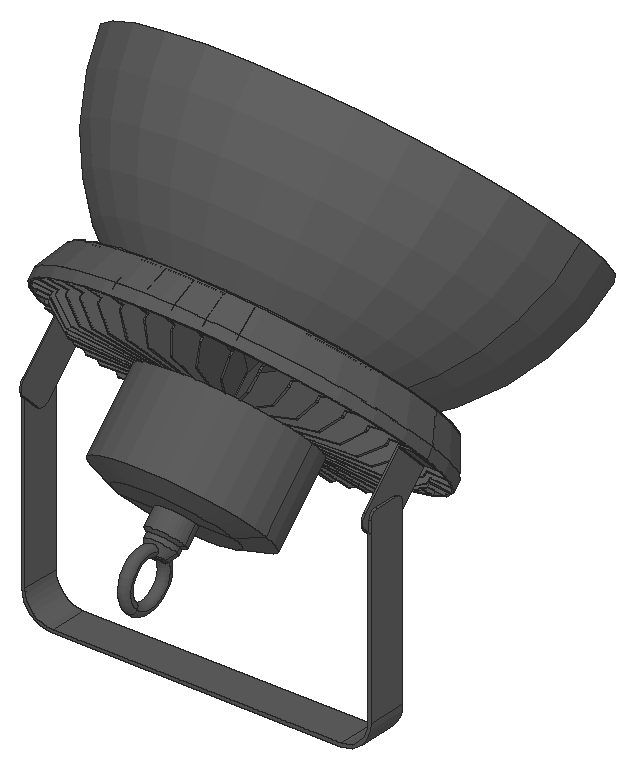
Revit family "0039352+0039355+0039360 Feilo Sylvania Lighting Fixture START HIGHBAY 6K 26KLM WIDE with BRACKET and ALU SHADE BLACK COLOR", category Lighting Fixtures, host Face, Revit 2017 (continued)
Definition of nested family "Start LED Highbay Head"
  Dimensions and locks
    "RHHeight3_FEILO": plane 31 to plane 33
    "RHHeight4_FEILO": plane 33 to plane 34
    "RHRadius3_FEILO": plane 3 "Center (Left/Right)" to plane 35
    "RHHeight1_FEILO": plane 28 to plane 30
    "EyeInner_FEILO": plane 34 to plane 36
    "EyeInner_FEILO": plane 36 to plane 37
    equal spacing: plane 38, plane 3 "Center (Left/Right)", plane 39
    "EyeThickness_FEILO": plane 38 to plane 39
    "EyeThickness_FEILO": plane 37 to plane 40
    equal spacing: plane 37, plane 41, plane 40
    equal spacing: plane 6, plane 42, plane 18
    "ThicknessBracket_FEILO": plane 45 to plane 6
    "ThicknessBracket_FEILO": plane 8 to plane 44
    locked: plane 43 to plane 18 at 1
    equal spacing: plane 24, plane 46, plane 26
    equal spacing: plane 47, plane 1 "Center (Front/Back)", plane 48
    "WidthBracket_FEILO": plane 47 to plane 48
    "WidthRingChamfer_FEILO": plane 50 to plane 49
    "ThicknessWall_FEILO": plane 51 to plane 49
    equal spacing: plane 50, plane 52, plane 51
    "ThicknessBracket_FEILO": plane 54 to plane 50
    locked: plane 53 to plane 51 at 1
    "Radius_FEILO": plane 49 to plane 3 "Center (Left/Right)"
    "ShadeRadiusOut_FEILO": plane 3 "Center (Left/Right)" to plane 55
    "ShadeHeight_FEILO": plane 56 to plane 4
    "ShadeRadiusIn_FEILO": plane 3 "Center (Left/Right)" to plane 57
    locked: plane 58 to plane 57 at 8
    "ShadeThickness_FEILO": plane 60 to plane 4
    "ShadeThickness_FEILO": plane 59 to plane 55
    "EyeThicknessHalf_FEILO": radius of curve 8
    "ThicknessBracket_FEILO": radius of Extrusion 7 sketch curve  (x2)
    "ThicknessBracketHalf_FEILO": radius of Extrusion 7 sketch curve  (x2)
    "ShadeRadiusBend_FEILO": radius of curve 9
    aligned and locked: plane 2 to Extrusion 1
    aligned and locked: level to Extrusion 1
    aligned and locked: plane 5 to curve 1
    aligned and locked: plane 6 to curve 1
    aligned and locked: plane 7 to curve 1
    aligned and locked: plane 10 to curve 2
    aligned and locked: plane 9 to curve 3
    aligned and locked: plane 4 to curve 3
    aligned and locked: plane 11 to curve 3
    aligned and locked: plane 4 to curve 4
    aligned and locked: plane 18 to curve 5
    aligned and locked: plane 10 to curve 5
    aligned and locked: Revolve 2 sketch curve to plane 3 "Center (Left/Right)"
    aligned and locked: Revolve 2 sketch curve to curve 3
    aligned and locked: Revolve 2 sketch curve to curve 1
    aligned and locked: plane 4 to Revolve 2 sketch curve
    aligned and locked: plane 9 to Revolve 2 sketch curve
    aligned and locked: Revolve 2 sketch curve to plane 13
    aligned and locked: Revolve 2 sketch curve to plane 10
    aligned and locked: plane 13 to Revolve 2 sketch curve
    aligned and locked: plane 10 to Revolve 2 sketch curve
    aligned and locked: Revolve 2 sketch curve to plane 18
    aligned and locked: Revolve 2 sketch curve to plane 8
    aligned and locked: plane 5 to Revolve 2 sketch curve  (x2)
    aligned and locked: Revolve 3 sketch curve to plane 3 "Center (Left/Right)"
    aligned and locked: plane 11 to Revolve 3 sketch curve
    aligned and locked: Revolve 3 sketch curve to curve 2
    aligned and locked: plane 15 to Revolve 3 sketch curve
    aligned and locked: Revolve 3 sketch curve to plane 16
    aligned and locked: plane 17 to Revolve 3 sketch curve  (x2)
    aligned and locked: Revolve 3 sketch curve to plane 12
    aligned and locked: plane 7 to Revolve 3 sketch curve
    aligned and locked: Revolve 4 sketch curve to plane 3 "Center (Left/Right)"
    aligned and locked: Revolve 4 sketch curve to plane 14
    aligned and locked: plane 3 "Center (Left/Right)" to Revolve 4 sketch curve
    aligned and locked: Revolve 4 sketch curve to plane 12
    aligned and locked: plane 15 to Revolve 4 sketch curve
    aligned and locked: Revolve 2 sketch curve to curve 5
    aligned and locked: plane 22 to curve 6
    aligned and locked: plane 21 to curve 6
    aligned and locked: plane 20 to curve 6
    aligned and locked: plane 19 to curve 6
    aligned and locked: plane 33 to curve 7
    aligned and locked: plane 32 to curve 7
    aligned and locked: plane 35 to curve 7
    aligned and locked: plane 34 to curve 7
    aligned and locked: Revolve 5 sketch curve to plane 3 "Center (Left/Right)"
    aligned and locked: Revolve 5 sketch curve to plane 25
    aligned and locked: plane 27 to Revolve 5 sketch curve
    aligned and locked: plane 28 to Revolve 5 sketch curve
    aligned and locked: plane 30 to Revolve 5 sketch curve
    aligned and locked: Revolve 5 sketch curve to plane 29
    aligned and locked: plane 31 to Revolve 5 sketch curve
    aligned and locked: Revolve 5 sketch curve to curve 7
    aligned and locked: Revolve 5 sketch curve to plane 32
    aligned and locked: plane 34 to Revolve 5 sketch curve
    aligned and locked: plane 3 "Center (Left/Right)" to Revolve 5 sketch curve
    aligned and locked: plane 3 "Center (Left/Right)" to curve 8
    aligned and locked: plane 41 to curve 8
    aligned and locked: Revolve 6 sketch curve to plane 36
    aligned and locked: Revolve 6 sketch curve to curve 8
    aligned and locked: plane 43 to Extrusion 7 sketch curve  (x2)
    aligned and locked: plane 8 to Extrusion 7 sketch curve  (x3)
    aligned and locked: Extrusion 7 sketch curve to plane 45
    aligned and locked: Extrusion 7 sketch curve to plane 46  (x2)
    aligned and locked: plane 6 to Extrusion 7 sketch curve
    aligned and locked: Extrusion 7 sketch curve to plane 44  (x2)
    aligned and locked: Extrusion 7 to plane 48
    aligned and locked: plane 47 to Extrusion 7
    aligned and locked: plane 53 to Extrusion 7 sketch curve
    aligned and locked: plane 50 to Extrusion 7 sketch curve
    aligned and locked: Extrusion 7 sketch curve to plane 54
    aligned and locked: Extrusion 8 sketch curve to Extrusion 8 sketch curve
    aligned and locked: Extrusion 8 to plane 6
    aligned and locked: Extrusion 8 to Extrusion 7
    aligned and locked: Revolve 5 sketch curve to plane 22
    aligned and locked: plane 23 to nested 1
    aligned and locked: plane 1 "Center (Front/Back)" to nested 1
    aligned and locked: Revolve 9 sketch curve to plane 3 "Center (Left/Right)"
    aligned and locked: Revolve 9 sketch curve to plane 4
    aligned and locked: plane 6 to Revolve 9 sketch curve
    aligned and locked: plane 4 to Revolve 9 sketch curve
    aligned and locked: plane 7 to Revolve 9 sketch curve
    aligned and locked: Revolve 9 sketch curve to plane 5
    aligned and locked: plane 8 to Revolve 9 sketch curve  (x2)
    aligned and locked: Revolve 9 sketch curve to plane 19
    aligned and locked: plane 20 to Revolve 9 sketch curve
    aligned and locked: plane 19 to Revolve 9 sketch curve
    aligned and locked: plane 21 to Revolve 9 sketch curve
    aligned and locked: plane 22 to Revolve 9 sketch curve  (x2)
    aligned and locked: Revolve 9 sketch curve to Revolve 9 sketch curve
    aligned and locked: imposter light to plane 4
    aligned and locked: plane 3 "Center (Left/Right)" to imposter light
    aligned and locked: imposter light to plane 1 "Center (Front/Back)"
    aligned and locked: plane 55 to curve 9
    aligned and locked: plane 56 to curve 9
    aligned and locked: plane 57 to curve 9
    aligned and locked: plane 4 to curve 9
    aligned and locked: Revolve 10 sketch curve to curve 9
    aligned and locked: plane 58 to Revolve 10 sketch curve
    aligned and locked: plane 57 to Revolve 10 sketch curve
    aligned and locked: plane 56 to Revolve 10 sketch curve  (x2)
    aligned and locked: Revolve 10 sketch curve to plane 58
    aligned and locked: plane 60 to Revolve 10 sketch curve
  Automatic sketch dimensions
    Extrusion 1 sketch curve to Extrusion 1 sketch curve = 2438.4 mm  (x2)
    Revolve 2 sketch curve to plane 6 = 0.299 mm
    plane 6 to Revolve 2 sketch curve = 0.459 mm
    Revolve 2 sketch curve to level = 609.6 mm
    Revolve 2 sketch curve to Revolve 2 sketch curve = 2312.223 mm
    Revolve 3 sketch curve to plane 12 = 0 mm
    Revolve 3 sketch curve to plane 3 "Center (Left/Right)" = 0 mm
    Revolve 3 sketch curve to level = 609.6 mm
    Revolve 3 sketch curve to plane 4 = 2339.058 mm
    Revolve 4 sketch curve to level = 609.6 mm
    Revolve 4 sketch curve to plane 4 = 2339.058 mm
    Revolve 6 sketch curve to plane 5 = 1080 mm
    plane 38 to Revolve 6 sketch curve = 1219.2 mm
    Extrusion 8 sketch curve to plane 47 = 0 mm
    plane 46 to Extrusion 8 sketch curve = 0 mm  (x2)
    Extrusion 8 sketch curve to plane 48 = 0 mm
    plane 47 to Extrusion 8 sketch curve = 5 mm
    plane 1 "Center (Front/Back)" to Extrusion 8 sketch curve = 10 mm
    Extrusion 8 sketch curve to Extrusion 8 sketch curve = 10 mm
    plane 46 to Extrusion 8 sketch curve = 5 mm
    Extrusion 8 sketch curve to Extrusion 8 sketch curve = 5 mm
    Extrusion 8 sketch curve to plane 48 = 5 mm
    Revolve 5 sketch curve to plane 26 = 0 mm
    Revolve 5 sketch curve to plane 35 = 0.437 mm
    plane 35 to Revolve 5 sketch curve = 0.847 mm
    Revolve 5 sketch curve to plane 34 = 0.726 mm
    plane 40 to Revolve 5 sketch curve = 590.2 mm
    Revolve 5 sketch curve to plane 4 = 2339.058 mm
    Revolve 9 sketch curve to level = 609.6 mm
    Revolve 9 sketch curve to Revolve 9 sketch curve = 2386.058 mm
    curve 2 to plane 3 "Center (Left/Right)" = 0 mm
    Revolve 10 sketch curve to Revolve 10 sketch curve = 0 mm  (x2)
    Revolve 10 sketch curve to plane 3 "Center (Left/Right)" = 0 mm
    plane 57 to Revolve 10 sketch curve = 0.659 mm
    Revolve 10 sketch curve to level = 609.6 mm
    Revolve 10 sketch curve to Revolve 10 sketch curve = 2068.248 mm
  Nested families
    nested 1: "Start Highbay Rib" at (0, 0, 67.775), type "Type Name", detail levels medium+fine
      with SuspensionHeight_FEILO 2.6 mm
    nested 2: "Start Highbay Rib" at (0, 0, 67.775) x (0.9877, 0.1564, 0) z (0, 0, 1), type "Type Name", detail levels medium+fine
      with SuspensionHeight_FEILO 2.6 mm
    nested 3: "Start Highbay Rib" at (0, 0, 67.775) x (0.9511, 0.309, 0) z (0, 0, 1), type "Type Name", detail levels medium+fine
      with SuspensionHeight_FEILO 2.6 mm
    nested 4: "Start Highbay Rib" at (0, 0, 67.775) x (0.891, 0.454, 0) z (0, 0, 1), type "Type Name", detail levels medium+fine
      with SuspensionHeight_FEILO 2.6 mm
    nested 5: "Start Highbay Rib" at (0, 0, 67.775) x (0.809, 0.5878, 0) z (0, 0, 1), type "Type Name", detail levels medium+fine
      with SuspensionHeight_FEILO 2.6 mm
    nested 6: "Start Highbay Rib" at (0, 0, 67.775) x (0.7071, 0.7071, 0) z (0, 0, 1), type "Type Name", detail levels medium+fine
      with SuspensionHeight_FEILO 2.6 mm
    nested 7: "Start Highbay Rib" at (0, 0, 67.775) x (0.5878, 0.809, 0) z (0, 0, 1), type "Type Name", detail levels medium+fine
      with SuspensionHeight_FEILO 2.6 mm
    nested 8: "Start Highbay Rib" at (0, 0, 67.775) x (0.454, 0.891, 0) z (0, 0, 1), type "Type Name", detail levels medium+fine
      with SuspensionHeight_FEILO 2.6 mm
    nested 9: "Start Highbay Rib" at (0, 0, 67.775) x (0.309, 0.9511, 0) z (0, 0, 1), type "Type Name", detail levels medium+fine
      with SuspensionHeight_FEILO 2.6 mm
    nested 10: "Start Highbay Rib" at (0, 0, 67.775) x (0.1564, 0.9877, 0) z (0, 0, 1), type "Type Name", detail levels medium+fine
      with SuspensionHeight_FEILO 2.6 mm
    nested 11: "Start Highbay Rib" at (0, 0, 67.775) x (0, 1, 0) z (0, 0, 1), type "Type Name", detail levels medium+fine
      with SuspensionHeight_FEILO 2.6 mm
    nested 12: "Start Highbay Rib" at (0, 0, 67.775) x (-0.1564, 0.9877, 0) z (0, 0, 1), type "Type Name", detail levels medium+fine
      with SuspensionHeight_FEILO 2.6 mm
    nested 13: "Start Highbay Rib" at (0, 0, 67.775) x (-0.309, 0.9511, 0) z (0, 0, 1), type "Type Name", detail levels medium+fine
      with SuspensionHeight_FEILO 2.6 mm
    nested 14: "Start Highbay Rib" at (0, 0, 67.775) x (-0.454, 0.891, 0) z (0, 0, 1), type "Type Name", detail levels medium+fine
      with SuspensionHeight_FEILO 2.6 mm
    nested 15: "Start Highbay Rib" at (0, 0, 67.775) x (-0.5878, 0.809, 0) z (0, 0, 1), type "Type Name", detail levels medium+fine
      with SuspensionHeight_FEILO 2.6 mm
    nested 16: "Start Highbay Rib" at (0, 0, 67.775) x (-0.7071, 0.7071, 0) z (0, 0, 1), type "Type Name", detail levels medium+fine
      with SuspensionHeight_FEILO 2.6 mm
    nested 17: "Start Highbay Rib" at (0, 0, 67.775) x (-0.809, 0.5878, 0) z (0, 0, 1), type "Type Name", detail levels medium+fine
      with SuspensionHeight_FEILO 2.6 mm
    nested 18: "Start Highbay Rib" at (0, 0, 67.775) x (-0.891, 0.454, 0) z (0, 0, 1), type "Type Name", detail levels medium+fine
      with SuspensionHeight_FEILO 2.6 mm
    nested 19: "Start Highbay Rib" at (0, 0, 67.775) x (-0.9511, 0.309, 0) z (0, 0, 1), type "Type Name", detail levels medium+fine
      with SuspensionHeight_FEILO 2.6 mm
    nested 20: "Start Highbay Rib" at (0, 0, 67.775) x (-0.9877, 0.1564, 0) z (0, 0, 1), type "Type Name", detail levels medium+fine
      with SuspensionHeight_FEILO 2.6 mm
    nested 21: "Start Highbay Rib" at (0, 0, 67.775) x (-1, 0, 0) z (0, 0, 1), type "Type Name", detail levels medium+fine
      with SuspensionHeight_FEILO 2.6 mm
    nested 22: "Start Highbay Rib" at (0, 0, 67.775) x (-0.9877, -0.1564, 0) z (0, 0, 1), type "Type Name", detail levels medium+fine
      with SuspensionHeight_FEILO 2.6 mm
    nested 23: "Start Highbay Rib" at (0, 0, 67.775) x (-0.9511, -0.309, 0) z (0, 0, 1), type "Type Name", detail levels medium+fine
      with SuspensionHeight_FEILO 2.6 mm
    nested 24: "Start Highbay Rib" at (0, 0, 67.775) x (-0.891, -0.454, 0) z (0, 0, 1), type "Type Name", detail levels medium+fine
      with SuspensionHeight_FEILO 2.6 mm
    nested 25: "Start Highbay Rib" at (0, 0, 67.775) x (-0.809, -0.5878, 0) z (0, 0, 1), type "Type Name", detail levels medium+fine
      with SuspensionHeight_FEILO 2.6 mm
    nested 26: "Start Highbay Rib" at (0, 0, 67.775) x (-0.7071, -0.7071, 0) z (0, 0, 1), type "Type Name", detail levels medium+fine
      with SuspensionHeight_FEILO 2.6 mm
    nested 27: "Start Highbay Rib" at (0, 0, 67.775) x (-0.5878, -0.809, 0) z (0, 0, 1), type "Type Name", detail levels medium+fine
      with SuspensionHeight_FEILO 2.6 mm
    nested 28: "Start Highbay Rib" at (0, 0, 67.775) x (-0.454, -0.891, 0) z (0, 0, 1), type "Type Name", detail levels medium+fine
      with SuspensionHeight_FEILO 2.6 mm
    nested 29: "Start Highbay Rib" at (0, 0, 67.775) x (-0.309, -0.9511, 0) z (0, 0, 1), type "Type Name", detail levels medium+fine
      with SuspensionHeight_FEILO 2.6 mm
    nested 30: "Start Highbay Rib" at (0, 0, 67.775) x (-0.1564, -0.9877, 0) z (0, 0, 1), type "Type Name", detail levels medium+fine
      with SuspensionHeight_FEILO 2.6 mm
    nested 31: "Start Highbay Rib" at (0, 0, 67.775) x (0, -1, 0) z (0, 0, 1), type "Type Name", detail levels medium+fine
      with SuspensionHeight_FEILO 2.6 mm
    nested 32: "Start Highbay Rib" at (0, 0, 67.775) x (0.1564, -0.9877, 0) z (0, 0, 1), type "Type Name", detail levels medium+fine
      with SuspensionHeight_FEILO 2.6 mm
    nested 33: "Start Highbay Rib" at (0, 0, 67.775) x (0.309, -0.9511, 0) z (0, 0, 1), type "Type Name", detail levels medium+fine
      with SuspensionHeight_FEILO 2.6 mm
    nested 34: "Start Highbay Rib" at (0, 0, 67.775) x (0.454, -0.891, 0) z (0, 0, 1), type "Type Name", detail levels medium+fine
      with SuspensionHeight_FEILO 2.6 mm
    nested 35: "Start Highbay Rib" at (0, 0, 67.775) x (0.5878, -0.809, 0) z (0, 0, 1), type "Type Name", detail levels medium+fine
      with SuspensionHeight_FEILO 2.6 mm
    nested 36: "Start Highbay Rib" at (0, 0, 67.775) x (0.7071, -0.7071, 0) z (0, 0, 1), type "Type Name", detail levels medium+fine
      with SuspensionHeight_FEILO 2.6 mm
    nested 37: "Start Highbay Rib" at (0, 0, 67.775) x (0.809, -0.5878, 0) z (0, 0, 1), type "Type Name", detail levels medium+fine
      with SuspensionHeight_FEILO 2.6 mm
    nested 38: "Start Highbay Rib" at (0, 0, 67.775) x (0.891, -0.454, 0) z (0, 0, 1), type "Type Name", detail levels medium+fine
      with SuspensionHeight_FEILO 2.6 mm
    nested 39: "Start Highbay Rib" at (0, 0, 67.775) x (0.9511, -0.309, 0) z (0, 0, 1), type "Type Name", detail levels medium+fine
      with SuspensionHeight_FEILO 2.6 mm
    nested 40: "Start Highbay Rib" at (0, 0, 67.775) x (0.9877, -0.1564, 0) z (0, 0, 1), type "Type Name", detail levels medium+fine
      with SuspensionHeight_FEILO 2.6 mm
  Definition of nested family "Start Highbay Rib"
    Parameters (values of type "Type Name")
      WidthStraight_FEILO = if(SizeS_FEILO, 3 mm, if(SizeM_FEILO, 4 mm, 4.7 mm))  # 3 mm
      WidthRingChamfer_FEILO = if(SizeS_FEILO, 10.3 mm, if(SizeM_FEILO, 11.2 mm, 12.9 mm))  # 10.3 mm
      WidthCurved_FEILO = if(SizeS_FEILO, 17.4 mm, if(SizeM_FEILO, 16.4 mm, 26.2 mm))  # 17.4 mm
      WidthCurvedRing_FEILO = if(SizeS_FEILO, 3 mm, if(SizeM_FEILO, 4 mm, 4.7 mm))  # 3 mm
      WidthBracket_FEILO = 40 mm
      URL = "http://www.feilosylvania.com"
      Type Image = (empty or 0)
      Type Comments = "n/a"
      ThicknessWall_FEILO = 1.5 mm
      ThicknessBracket_FEILO = 1.5 mm
      ThicknessBracketHalf_FEILO = ThicknessBracket_FEILO / 2  # 0.75 mm
      SuspensionHeight_FEILO [instance] = 2.6 mm
      SizeS_FEILO = yes
      SizeM_FEILO = no
      Rib4_FEILO = if(SizeS_FEILO, 18.1 mm, if(SizeM_FEILO, 13.6 mm, 14.6 mm))  # 18.1 mm
      Rib3_FEILO = if(SizeS_FEILO, 15.3 mm, if(SizeM_FEILO, 17.6 mm, 20.2 mm))  # 15.3 mm
      Rib2_FEILO = if(SizeS_FEILO, 3.6 mm, if(SizeM_FEILO, 3.9 mm, 4.5 mm))  # 3.6 mm
      Rib1_FEILO = if(SizeS_FEILO, 15.1 mm, if(SizeM_FEILO, 16.5 mm, 19 mm))  # 15.1 mm
      RadiusRib_FEILO = 2 mm
      RadiusDiffuser_FEILO = if(SizeS_FEILO, 95.2 mm, if(SizeM_FEILO, 105.3 mm, 120 mm))  # 95.2 mm
      RHRadius3_FEILO = if(SizeS_FEILO, 6.6 mm, if(SizeM_FEILO, 7.4 mm, 8.6 mm))  # 6.6 mm
      RHRadius2_FEILO = if(SizeS_FEILO, 11 mm, if(SizeM_FEILO, 12 mm, 14 mm))  # 11 mm
      RHRadius1_FEILO = if(SizeS_FEILO, 13.6 mm, if(SizeM_FEILO, 14.9 mm, 17.7 mm))  # 13.6 mm
      RHHeight4_FEILO = if(SizeS_FEILO, 7.3 mm, if(SizeM_FEILO, 8 mm, 9.2 mm))  # 7.3 mm
      RHHeight3_FEILO = if(SizeS_FEILO, 3.6 mm, if(SizeM_FEILO, 3.7 mm, 4.6 mm))  # 3.6 mm
      RHHeight2_FEILO = if(SizeS_FEILO, 2 mm, if(SizeM_FEILO, 2.2 mm, 2.6 mm))  # 2 mm
      RHHeight1_FEILO = if(SizeS_FEILO, 11.8 mm, if(SizeM_FEILO, 15.3 mm, 17.4 mm))  # 11.8 mm
      Material_3_FEILO = none
      Model = ""
      Manufacturer = "Feilo Sylvania"
      Keynote = "16500"
      HeightRing_FEILO = if(SizeS_FEILO, 19.8 mm, if(SizeM_FEILO, 32 mm, 36.8 mm))  # 19.8 mm
      HeightRingChamfer_FEILO = if(SizeS_FEILO, 11.7 mm, if(SizeM_FEILO, 23.2 mm, 26.6 mm))  # 11.7 mm
      EyeThickness_FEILO = if(SizeS_FEILO, 8.4 mm, if(SizeM_FEILO, 9.2 mm, 10.5 mm))  # 8.4 mm
      EyeThicknessHalf_FEILO = EyeThickness_FEILO / 2  # 4.2 mm
      EyeInner_FEILO = if(SizeS_FEILO, 13.8 mm, if(SizeM_FEILO, 15.1 mm, 17.3 mm))  # 13.8 mm
      DriverVerticalStraight_FEILO = if(SizeS_FEILO, 46.5 mm, if(SizeM_FEILO, 49.7 mm, 57 mm))  # 46.5 mm
      DriverVerticalChamfer_FEILO = if(SizeS_FEILO, 7.5 mm, if(SizeM_FEILO, 8.2 mm, 9.5 mm))  # 7.5 mm
      DriverRadius_FEILO = if(SizeS_FEILO, 61.4 mm, if(SizeM_FEILO, 67.2 mm, 76.4 mm))  # 61.4 mm
      DriverRadiusTop_FEILO = if(SizeS_FEILO, 42 mm, if(SizeM_FEILO, 45.3 mm, 52.4 mm))  # 42 mm
      DriverBottom_FEILO = if(SizeS_FEILO, 56 mm, if(SizeM_FEILO, 64.5 mm, 74 mm))  # 56 mm
      Material_2_FEILO = none
      Radius_FEILO = if(SizeS_FEILO, 135 mm, if(SizeM_FEILO, 148 mm, 169.5 mm))  # 135 mm
      Description = ""
      Default Elevation = 1219.2 mm
      Cost = 0
      Material_1_FEILO = none
      Assembly Code = "D5020200"
      Material_4_FEILO = none
    Reference planes
      plane 1 "Center (Front/Back)": y = 0
      plane 2: z = 0
      plane 3 "Center (Left/Right)": x = 0
      plane 4: z = 2.6
      plane 5: x = -135
      plane 6: x = -124.7
      plane 7: z = -9.1
      plane 8: z = -17.2
      plane 9: x = -121.7
      plane 10: z = -0.025
      plane 11: x = -104.3
      plane 12: x = -95.2
      plane 13: x = -118.7
      plane 14: z = 0.975
      plane 15: z = -1.025
      plane 16: x = -92.2
      plane 17: z = -2.025
      plane 18: x = -133.5
      plane 19: x = -119.9
      plane 20: z = -20.8
      plane 21: x = -104.6
      plane 22: z = -38.9
      plane 23: x = -20
      plane 24: z = -53.4
      plane 25: x = -61.4
      plane 26: z = -99.9
      plane 27: x = -42
      plane 28: z = -107.4
      plane 29: x = -13.6
      plane 30: z = -119.2
      plane 31: z = -121.2
      plane 32: x = -11
      plane 33: z = -124.8
      plane 34: z = -132.1
      plane 35: x = -6.6
      plane 36: z = -145.9
      plane 37: z = -159.7
      plane 38: x = 4.2
      plane 39: x = -4.2
      plane 40: z = -168.1
      plane 41: z = -163.9
      plane 42: x = -129.1
      plane 43: x = -132.5
      plane 44: z = -18.7
      plane 45: x = -123.2
      plane 46: z = -76.65
      plane 47: y = -20
      plane 48: y = 20
      plane 49: x = 135
      plane 50: x = 124.7
      plane 51: x = 133.5
      plane 52: x = 129.1
      plane 53: x = 132.5
      plane 54: x = 123.2
      plane 55: y = 0.75
      plane 56: y = -0.75
    Forms (mm)
      Extrusion 1, solid
        sketch origin (4.2, 0, 0) x (1, 0, 0) y (0, 1, 0)
          loop
            line (-1219.2, 1219.2) -> (-1219.2, -1219.2) -> (1219.2, -1219.2) -> (1219.2, 1219.2) -> (-1219.2, 1219.2)
        from 0 to -68.017
      Extrusion 2, solid, material <- "Material_1_FEILO"
        sketch origin (0, 0, 0) x (1, 0, 0) y (0, 0, 1)
          loop
            arc (-104.3, -0.025) -> (-111.555, 0.423) -> (-118.7, 1.76) r 58.981
            line (-118.7, 1.76) -> (-118.7, -0.025) -> (-125.012, -0.025) -> (-133.5, -9.666) -> (-133.5, -17.2) -> (-119.9, -17.2) -> (-119.9, -20.068)
            arc (-119.9, -20.068) -> (-119.778, -20.755) -> (-119.427, -21.359) r 2
            line (-119.427, -21.359) -> (-104.966, -38.467)
            arc (-104.966, -38.467) -> (-104.381, -38.789) -> (-103.723, -38.9) r 2
            line (-103.723, -38.9) -> (-20, -38.9) -> (-20, -9.1) -> (-95.2, -9.1) -> (-95.2, -2.025) -> (-104.3, -2.025) -> (-104.3, -0.025)
        from -0.75 to 0.75
    Lines and regions (mm)
      reference lines
        curve 1: line (-135, 0, -9.1) -> (-124.7, 0, 2.6)
        curve 2: line (-104.3, 0, -0.025) -> (0, 0, -0.025)
        curve 3: arc (-104.3, 0, -0.025) -> (-113.098, 0, 0.635) -> (-121.7, 0, 2.6) r 58.981
        curve 4: line (-124.7, 0, 2.6) -> (-121.7, 0, 2.6)
        curve 5: line (-125.012, 0, -0.025) -> (-133.5, 0, -9.666)
        curve 6: line (-119.9, 0, -20.8) -> (-104.6, 0, -38.9)
    Dimensions and locks
      "Radius_FEILO": plane 3 "Center (Left/Right)" to plane 5
      "WidthRingChamfer_FEILO": plane 6 to plane 5
      "WidthStraight_FEILO": plane 9 to plane 6
      "WidthCurvedRing_FEILO": plane 13 to plane 9
      locked: plane 10 to plane 15 at 1
      locked: plane 14 to plane 10 at 1
      locked: plane 4 to plane 10 at 2.625
      locked: plane 15 to plane 17 at 1
      "ThicknessWall_FEILO": plane 18 to plane 5
      "ThicknessWall_FEILO": curve 5 to curve 1
      "HeightRingChamfer_FEILO": plane 4 to plane 7
      "HeightRing_FEILO": plane 4 to plane 8
      "RadiusDiffuser_FEILO": plane 3 "Center (Left/Right)" to plane 12
      locked: plane 16 to plane 12 at 3
      "WidthCurved_FEILO": plane 11 to plane 9
      "SuspensionHeight_FEILO": plane 4 to plane 2
      "Rib1_FEILO": plane 19 to plane 5
      "Rib2_FEILO": plane 8 to plane 20
      "Rib3_FEILO": plane 21 to plane 19
      "Rib4_FEILO": plane 20 to plane 22
      locked: plane 3 "Center (Left/Right)" to plane 23 at 20
      "DriverBottom_FEILO": plane 4 to plane 24
      "DriverRadius_FEILO": plane 3 "Center (Left/Right)" to plane 25
      "DriverVerticalStraight_FEILO": plane 24 to plane 26
      "DriverRadiusTop_FEILO": plane 3 "Center (Left/Right)" to plane 27
      "DriverVerticalChamfer_FEILO": plane 26 to plane 28
      "RHRadius1_FEILO": plane 3 "Center (Left/Right)" to plane 29
      "RHHeight2_FEILO": plane 30 to plane 31
      "RHRadius2_FEILO": plane 3 "Center (Left/Right)" to plane 32
      "RHHeight3_FEILO": plane 31 to plane 33
      "RHHeight4_FEILO": plane 33 to plane 34
      "RHRadius3_FEILO": plane 3 "Center (Left/Right)" to plane 35
      "RHHeight1_FEILO": plane 28 to plane 30
      "EyeInner_FEILO": plane 34 to plane 36
      "EyeInner_FEILO": plane 36 to plane 37
      equal spacing: plane 38, plane 3 "Center (Left/Right)", plane 39
      "EyeThickness_FEILO": plane 38 to plane 39
      "EyeThickness_FEILO": plane 37 to plane 40
      equal spacing: plane 37, plane 41, plane 40
      equal spacing: plane 6, plane 42, plane 18
      "ThicknessBracket_FEILO": plane 45 to plane 6
      "ThicknessBracket_FEILO": plane 8 to plane 44
      locked: plane 43 to plane 18 at 1
      equal spacing: plane 24, plane 46, plane 26
      equal spacing: plane 47, plane 1 "Center (Front/Back)", plane 48
      "WidthBracket_FEILO": plane 47 to plane 48
      "WidthRingChamfer_FEILO": plane 50 to plane 49
      "ThicknessWall_FEILO": plane 51 to plane 49
      equal spacing: plane 50, plane 52, plane 51
      "ThicknessBracket_FEILO": plane 54 to plane 50
      locked: plane 53 to plane 51 at 1
      "Radius_FEILO": plane 49 to plane 3 "Center (Left/Right)"
      equal spacing: plane 56, plane 1 "Center (Front/Back)", plane 55
      "ThicknessWall_FEILO": plane 56 to plane 55
      "RadiusRib_FEILO": radius of Extrusion 2 sketch curve  (x2)
      aligned and locked: plane 2 to Extrusion 1
      aligned and locked: level to Extrusion 1
      aligned and locked: plane 5 to curve 1
      aligned and locked: plane 6 to curve 1
      aligned and locked: plane 7 to curve 1
      aligned and locked: plane 10 to curve 2
      aligned and locked: plane 9 to curve 3
      aligned and locked: plane 4 to curve 3
      aligned and locked: plane 11 to curve 3
      aligned and locked: plane 4 to curve 4
      aligned and locked: plane 18 to curve 5
      aligned and locked: plane 10 to curve 5
      aligned and locked: plane 22 to curve 6
      aligned and locked: plane 21 to curve 6
      aligned and locked: plane 20 to curve 6
      aligned and locked: plane 19 to curve 6
      aligned and locked: Extrusion 2 sketch curve to plane 23
      aligned and locked: Extrusion 2 sketch curve to plane 22
      aligned and locked: Extrusion 2 sketch curve to curve 6
      aligned and locked: plane 19 to Extrusion 2 sketch curve
      aligned and locked: Extrusion 2 sketch curve to plane 8
      aligned and locked: Extrusion 2 sketch curve to curve 5
      aligned and locked: Extrusion 2 sketch curve to curve 3
      aligned and locked: Extrusion 2 to plane 55
      aligned and locked: plane 56 to Extrusion 2
      aligned and locked: curve 6 to Extrusion 2 sketch curve
    Automatic sketch dimensions
      Extrusion 1 sketch curve to Extrusion 1 sketch curve = 2438.4 mm  (x2)
      curve 2 to plane 3 "Center (Left/Right)" = 0 mm
      Extrusion 2 sketch curve to plane 18 = 0 mm
      Extrusion 2 sketch curve to plane 10 = 0 mm
      Extrusion 2 sketch curve to plane 13 = 0 mm
      Extrusion 2 sketch curve to plane 7 = 0 mm
      Extrusion 2 sketch curve to plane 12 = 0 mm
      Extrusion 2 sketch curve to plane 17 = 0 mm
      plane 19 to Extrusion 2 sketch curve = 0.473 mm
      Extrusion 2 sketch curve to plane 21 = 0.366 mm
